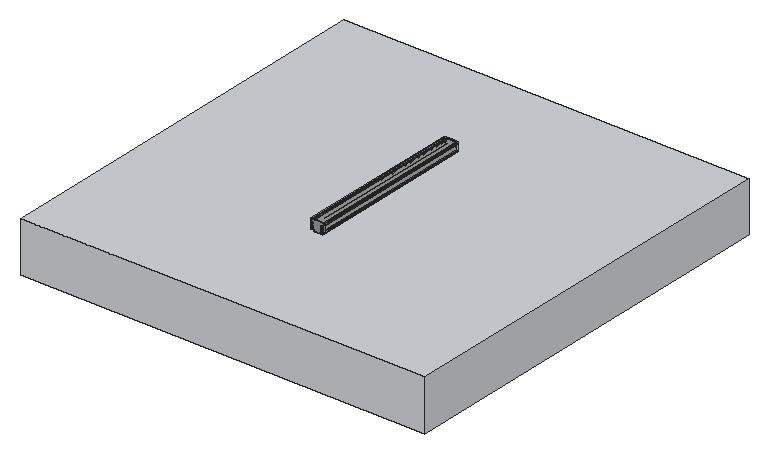
Revit family "L-industry NEW 48 T", category Осветительные приборы, Revit 2017
Family settings
  Основа = Грань
  Размер круглого соединителя = Использовать диаметр
  Тип детали = Нормальный
  При загрузке вырезать с полостями = Нет
  Источник света = Да
  Общий = Нет
  Точка расчета площади = Нет
Parameters (values of type "L-industry NEW 48 5.0K Д Duris")
  Расстояние от светильника до поверхности = 100 mm
  Описание = "Светодиодный светильник L-industry NEW 48 T предназначен для освещения промышленных объектов, складов, магазинов, спортивных сооружений, подсветки фасадов зданий. Светильник подвешивается на тросах (подвесной вариант крепления), или монтируется на любые ровные поверхности (поворотный и задвижной варианты)."
  Lamp = ""
  Комментарии к типоразмеру = "Промышленные"
  Wattage Comments = ""
  Wattage = 40.9581 W
  built-in parameter 1150110 = 1 (stored number, unit not read)
  built-in parameter 1114217 = 1 (stored number, unit not read)
  Tilt Angle = 90.00°
  built-in parameter 1150109 = 1 (stored number, unit not read)
  built-in parameter 1150134 = 2
  built-in parameter 1150113 = 1 (stored number, unit not read)
  Файл фотометрической сетки = "L-industry NEW 48T-46-D-5.0K-02 Duris.ies"
  built-in parameter 1150142 = "IESNA:LM-63-1995\r\n[TEST]LEDEL\r\n[DATA]27.11.2018\r\n[MANUFAC]LEDEL\r\n[LUMCAT]L-industry NEW 48Т/46/Д/5.0K/02\r\n[LUMINAIRE]Для освещения  промышленных объектов, складов, рекламных щитов, вывесок, декоративной подсветки  \r\n[MORE]\r\n[LAMPCAT]LED \r\n[LAMP]OSRAM DURIS\r\nTILT=NONE\r\n\r\n1 6084 4.76489 37 19 1 2 1.033 0.083 0.166\r\n\r\n1 1 46\r\n0 2.5 5 7.5 10 12.5 15 17.5 20 22.5 25 27.5 30 32.5 35 37.5 40 42.5 45 47.5\r\n 50 52.5 55 57.5 60 62.5 65 67.5 70 72.5 75 77.5 80 82.5 85 87.5 90\r\n\r\n  0 5 10 15 20 25 30 35 40 45 50 55 60 65 70 75\r\n  80 85 90\r\n\r\n  647 647 644 639 633 625 612 600 586 573 559 541 522 494 439\r\n  381 335 296 261 229 199 158 122 103 99 98 81 66 60 59\r\n  52 50 44 35 20 5 1\r\n  648 648 647 640 633 626 616 605 592 575 561 542 522 498 444\r\n  385 337 298 262 221 190 161 133 115 111 107 86 71 68 59\r\n  48 47 40 31 18 3 1\r\n  648 648 647 641 638 627 617 603 589 576 561 543 522 499 451\r\n  392 337 296 243 197 168 159 141 119 94 84 77 65 53 55\r\n  52 44 37 28 15 3 1\r\n  647 648 647 642 635 625 614 601 589 575 559 542 521 495 460\r\n  404 343 286 225 191 167 144 125 103 88 84 80 75 58 43\r\n  42 41 34 25 13 4 1\r\n  647 649 647 640 632 622 613 601 586 574 556 537 515 491 461\r\n  414 354 281 232 194 167 143 120 115 112 92 69 55 55 54\r\n  43 34 28 21 12 3 1\r\n  647 649 647 640 631 623 616 602 589 575 559 536 516 494 467\r\n  433 373 285 230 199 170 148 129 112 95 83 74 71 61 47\r\n  44 44 31 22 12 3 1\r\n  647 649 647 639 631 625 615 602 591 576 559 536 519 494 469\r\n  433 379 303 239 199 181 171 140 112 96 91 86 71 63 61\r\n  53 43 38 30 19 5 1\r\n  647 648 644 639 631 625 614 601 589 574 557 542 521 500 469\r\n  428 370 324 277 228 195 164 136 121 112 107 80 61 66 63\r\n  55 50 44 36 22 6 1\r\n  647 648 644 639 633 626 611 601 589 575 557 541 524 503 474\r\n  433 373 322 290 269 231 180 150 146 142 114 94 88 80 68\r\n  62 58 47 41 24 9 2\r\n  647 647 644 637 631 623 610 601 590 575 559 541 525 503 474\r\n  428 365 317 286 269 237 189 149 128 122 105 85 78 80 63\r\n  62 59 52 43 30 13 3\r\n  647 648 648 642 641 634 619 611 600 584 570 553 535 515 492\r\n  454 395 341 308 283 245 197 168 165 151 120 104 94 77 71\r\n  68 59 54 44 31 14 4\r\n  647 648 649 644 639 633 622 611 600 586 572 553 535 512 485\r\n  447 395 341 299 259 223 182 148 126 124 116 88 68 67 62\r\n  62 55 47 39 27 11 4\r\n  647 649 649 642 639 633 618 609 600 586 569 549 529 509 483\r\n  447 395 328 269 219 193 182 157 120 103 102 94 73 67 66\r\n  51 46 43 32 21 10 3\r\n  647 649 649 644 639 632 625 610 600 584 567 545 524 500 474\r\n  440 386 309 253 218 185 160 140 117 96 87 85 77 60 52\r\n  46 39 34 27 15 6 3\r\n  647 648 648 647 638 630 624 611 595 582 565 544 521 495 468\r\n  432 380 310 251 209 181 156 135 128 117 92 66 62 61 58\r\n  44 35 30 21 12 5 3\r\n  647 649 648 647 639 631 618 610 599 583 567 550 524 499 469\r\n  430 376 308 244 209 181 156 140 119 97 92 85 77 61 42\r\n  42 39 31 20 14 6 2\r\n  648 649 648 644 639 632 620 606 595 584 567 546 524 496 461\r\n  413 357 307 255 215 192 178 152 113 94 86 83 68 59 55\r\n  44 36 30 22 12 5 3\r\n  648 648 647 643 639 632 623 611 597 582 566 546 526 500 465\r\n  413 363 323 281 241 211 184 144 125 121 116 92 70 69 59\r\n  47 41 37 27 14 6 2\r\n  647 648 645 642 639 630 618 607 597 581 567 552 529 504 471\r\n  420 364 316 280 250 220 181 124 103 103 108 90 63 63 66\r\n  46 43 38 26 14 5 3\r\n\r"
  built-in parameter 1150105 = 484.15 (stored number, unit not read)
  Lumens = 6084 lm
  built-in parameter 1150115 = 1 (stored number, unit not read)
  built-in parameter 1150137 = (empty or 0)
  built-in parameter 1150139 = (empty or 0)
  built-in parameter 1150112 = 1 (stored number, unit not read)
  built-in parameter 1150114 = 1 (stored number, unit not read)
  built-in parameter 1150132 = 2
  Классификация нагрузок = Освещение
  built-in parameter 1150102 = (empty or 0)
  built-in parameter 1150107 = 5000 (stored number, unit not read)
  built-in parameter 1150138 = (empty or 0)
  built-in parameter 1150106 = 4.8415 (stored number, unit not read)
  Emit from Rectangle Width = 66 mm
  Emit from Rectangle Length = 1000 mm
  Изготовитель = "LEDEL"
  Длина профиля = Emit from Rectangle Length  # 1000 mm
  Emit Shape Visible in Rendering = no
  built-in parameter 1150104 = 13.8 (stored number, unit not read)
  Dimming Lamp Color Temperature Shift = (empty or 0)
  Default Elevation = 1219.2 mm
  Color Filter = 16777215
  built-in parameter 1114218 = 1 (stored number, unit not read)
  built-in parameter 1150133 = 10 (stored number, unit not read)
  Apparent Load = 46 VA  # constant formula
  Артикул = "404003"
Reference planes
  plane 1 "Center (Front/Back)": y = 0
  plane 2: z = 0
  plane 3 "Center (Left/Right)": x = 0
Forms (mm)
  Extrusion 1, solid
    sketch origin (0, 0, 0) x (1, 0, 0) y (0, 1, 0)
      loop
        line (-1219.2, 1219.2) -> (-1219.2, -1219.2) -> (1219.2, -1219.2) -> (1219.2, 1219.2) -> (-1219.2, 1219.2)
    from 0 to -304.8
Dimensions and locks
  "Расстояние от светильника до поверхности": imposter light to Extrusion 1
  aligned and locked: plane 2 to Extrusion 1
  aligned and locked: level to Extrusion 1
Automatic sketch dimensions
  Extrusion 1 sketch curve to Extrusion 1 sketch curve = 2438.4 mm  (x2)
Nested families
  nested 1: "L-street 24-48_body" at (0, 0, 0), type "L-street 24-48_body"
    with Расстояние от светильника до плоскости 100 mm
Connectors
  electrical at (0, 0, 0), driven by "Apparent Load", driven by "Классификация нагрузок"
    settings: on Extrusion 1, index 1, voltage 230 V, apparent load 0 VA, apparent load phase1 46 VA, apparent load phase2 0 VA, apparent load phase3 0 VA, power factor 1, load classification "Освещение", number of poles 1, system type 31, power factor state 1, is connector primary yes, connector utility no, sub classification motor no, connector description ""
Definition of nested family "L-street 24-48_body"
  Parameters (values of type "L-street 24-48_body")
    Тип торцевой крышки = Street 24-48 торцевая крышка : Trade Standart
    Расстояние от светильника до плоскости = 250 mm
    Default Elevation = 1219.2 mm
    Начало выдавливания = Длина профиля / 2 * (-1)  # -500 mm
    Конец выдавливания = Длина профиля / 2  # 500 mm
    Длина профиля = 1000 mm
  Reference planes
    plane 1 "По центру (Вперед/Назад)": y = 0
    plane 2: z = 0
    plane 3 "По центру (Влево/Вправо)": x = 0
    plane 4 "Плоскость расположения светильника": z = 250
  Forms (mm)
    Extrusion 1, solid
      sketch origin (0, 0, 0) x (1, 0, 0) y (0, 1, 0)
        loop
          line (-1219.2, 1219.2) -> (-1219.2, -1219.2) -> (1219.2, -1219.2) -> (1219.2, 1219.2) -> (-1219.2, 1219.2)
      from 0 to -304.8
    Extrusion 2, solid
      sketch origin (-0.012, 0.083, 76.46) x (-1, 0, 0) y (0, 0, -1)
        loop
          line (35.589, -172.539) -> (35.589, -167.394) -> (33.404, -167.394) -> (33.404, -169.539) -> (-33.404, -169.539) -> (-33.404, -167.394) -> (-35.589, -167.394) -> (-35.589, -172.539) -> (35.589, -172.539)
      from -500 <- "Начало выдавливания" to 500 <- "Конец выдавливания"
    Extrusion 3, solid
      sketch origin (-38.032, -499.976, 250) x (1, 0, 0) y (0, 0, -1)
        loop
          line (39.091, 58.204) -> (35.191, 58.204) -> (35.191, 62.2) -> (36.654, 62.2) -> (36.654, 64.2) -> (33.154, 64.2) -> (33.154, 58.204) -> (23.754, 58.204) -> (23.754, 62.908)
          arc (23.754, 62.908) -> (23.375, 63.822) -> (22.462, 64.2) r 1.292
          line (22.462, 64.2) -> (20.507, 64.2) -> (20.507, 62.999)
          arc (20.507, 62.999) -> (18.784, 57.899) -> (17.454, 63.115) r 2.807
          line (17.454, 63.115) -> (17.454, 64.2) -> (15.57, 64.2)
          arc (15.57, 64.2) -> (14.64, 63.815) -> (14.254, 62.884) r 1.316
          line (14.254, 62.884) -> (14.254, 58.204)
          arc (14.254, 58.204) -> (14.542, 57.268) -> (15.307, 56.657) r 1.662
          arc (15.307, 56.657) -> (15.699, 56.211) -> (15.564, 55.633) r 0.649
          line (15.564, 55.633) -> (14.254, 54.323)
          arc (14.254, 54.323) -> (12.694, 54.04) -> (11.88, 55.401) r 1.392
          line (11.88, 55.401) -> (11.88, 64.2) -> (10.88, 64.2) -> (10.88, 55.43)
          arc (10.88, 55.43) -> (12.297, 53.121) -> (14.961, 53.616) r 2.392
          line (14.961, 53.616) -> (16.271, 54.926)
          arc (16.271, 54.926) -> (18.805, 53.565) -> (19.091, 50.704) r 3.06
          line (19.091, 50.704) -> (19.091, 34.404)
          arc (19.091, 34.404) -> (17.453, 32.057) -> (14.686, 32.784) r 2.5
          line (14.686, 32.784) -> (3.187, 46.302)
          arc (3.187, 46.302) -> (1.783, 49.534) -> (1.349, 53.03) r 12.359
          arc (1.349, 53.03) -> (0.911, 54.131) -> (-0.182, 54.59) r 1.531
          line (-0.182, 54.59) -> (-1.451, 54.59) -> (-1.451, 52.09) -> (-0.218, 52.09) -> (-0.218, 49.043) -> (-1.451, 49.043) -> (-1.451, 47.616)
          arc (-1.451, 47.616) -> (-1.151, 46.891) -> (-0.426, 46.59) r 1.025
          line (-0.426, 46.59) -> (0.549, 46.59)
          arc (0.549, 46.59) -> (1.499, 46.15) -> (2.241, 45.41) r 3
          line (2.241, 45.41) -> (19.248, 21.121)
          arc (19.248, 21.121) -> (19.506, 18.078) -> (16.99, 16.347) r 3.04
          line (16.99, 16.347) -> (16.172, 18.606)
          arc (16.172, 18.606) -> (15.575, 18.888) -> (15.29, 18.293) r 0.468
          line (15.29, 18.293) -> (15.919, 15.768)
          arc (15.919, 15.768) -> (15.065, 15.349) -> (14.231, 14.89) r 20
          line (14.231, 14.89) -> (13.32, 17.308)
          arc (13.32, 17.308) -> (12.744, 17.565) -> (12.493, 16.986) r 0.443
          line (12.493, 16.986) -> (13, 14.112)
          arc (13, 14.112) -> (12.216, 13.548) -> (11.461, 12.946) r 20
          line (11.461, 12.946) -> (10.632, 15.29)
          arc (10.632, 15.29) -> (9.98, 15.589) -> (9.7, 14.929) r 0.5
          line (9.7, 14.929) -> (10.426, 12.018)
          arc (10.426, 12.018) -> (9.554, 11.125) -> (8.739, 10.18) r 20
          arc (8.739, 10.18) -> (8.315, 12.234) -> (6.549, 13.365) r 2.7
          line (6.549, 13.365) -> (6.345, 12.182)
          arc (6.345, 12.182) -> (6.657, 9.315) -> (4.875, 11.583) r 1.5
          line (4.875, 11.583) -> (4.02, 12.437)
          arc (4.02, 12.437) -> (3.433, 11.181) -> (3.546, 9.799) r 2.7
          arc (3.546, 9.799) -> (3.425, 8.912) -> (2.629, 8.5) r 0.973
          line (2.629, 8.5) -> (-2.894, 8.5) -> (-2.894, 0) -> (2.006, 0) -> (5.904, -0.341) -> (5.991, 0.655) -> (2.006, 1.004) -> (2.006, 4.504) -> (3.006, 4.504) -> (3.006, 6.504) -> (6.006, 6.504) -> (6.006, 4.504) -> (7.611, 4.504)
          arc (7.611, 4.504) -> (13.444, 12.031) -> (22.295, 15.543) r 18.05
          line (22.295, 15.543) -> (24.291, 15.543) -> (24.291, 16.504) -> (22.291, 16.504) -> (22.291, 18.204) -> (55.891, 18.204) -> (55.891, 16.504) -> (53.891, 16.504) -> (53.891, 15.543) -> (55.886, 15.543)
          arc (55.886, 15.543) -> (64.737, 12.031) -> (70.57, 4.504) r 18.05
          line (70.57, 4.504) -> (72.175, 4.504) -> (72.175, 6.504) -> (75.175, 6.504) -> (75.175, 4.504) -> (76.175, 4.504) -> (76.175, 1.004) -> (72.19, 0.655) -> (72.277, -0.341) -> (76.175, 0) -> (81.075, 0) -> (81.075, 8.5) -> (75.552, 8.5)
          arc (75.552, 8.5) -> (74.756, 8.912) -> (74.635, 9.799) r 0.973
          arc (74.635, 9.799) -> (74.748, 11.181) -> (74.161, 12.437) r 2.7
          line (74.161, 12.437) -> (73.306, 11.583)
          arc (73.306, 11.583) -> (71.524, 9.315) -> (71.836, 12.182) r 1.5
          line (71.836, 12.182) -> (71.632, 13.365)
          arc (71.632, 13.365) -> (69.866, 12.234) -> (69.442, 10.18) r 2.7
          arc (69.442, 10.18) -> (68.627, 11.125) -> (67.755, 12.018) r 20
          line (67.755, 12.018) -> (68.481, 14.929)
          arc (68.481, 14.929) -> (68.201, 15.589) -> (67.549, 15.29) r 0.5
          line (67.549, 15.29) -> (66.72, 12.946)
          arc (66.72, 12.946) -> (65.965, 13.548) -> (65.181, 14.112) r 20
          line (65.181, 14.112) -> (65.688, 16.986)
          arc (65.688, 16.986) -> (65.437, 17.565) -> (64.861, 17.308) r 0.443
          line (64.861, 17.308) -> (63.95, 14.89)
          arc (63.95, 14.89) -> (63.116, 15.349) -> (62.262, 15.768) r 20
          line (62.262, 15.768) -> (62.891, 18.293)
          arc (62.891, 18.293) -> (62.606, 18.888) -> (62.009, 18.606) r 0.468
          line (62.009, 18.606) -> (61.191, 16.347)
          arc (61.191, 16.347) -> (58.675, 18.078) -> (58.933, 21.121) r 3.04
          line (58.933, 21.121) -> (75.94, 45.41)
          arc (75.94, 45.41) -> (76.682, 46.15) -> (77.632, 46.59) r 3
          line (77.632, 46.59) -> (78.607, 46.59)
          arc (78.607, 46.59) -> (79.332, 46.891) -> (79.632, 47.616) r 1.025
          line (79.632, 47.616) -> (79.632, 49.043) -> (78.399, 49.043) -> (78.399, 52.09) -> (79.632, 52.09) -> (79.632, 54.59) -> (78.363, 54.59)
          arc (78.363, 54.59) -> (77.27, 54.131) -> (76.832, 53.03) r 1.531
          arc (76.832, 53.03) -> (76.398, 49.534) -> (74.994, 46.302) r 12.359
          line (74.994, 46.302) -> (63.495, 32.784)
          arc (63.495, 32.784) -> (60.728, 32.057) -> (59.091, 34.404) r 2.5
          line (59.091, 34.404) -> (59.091, 50.704)
          arc (59.091, 50.704) -> (59.376, 53.565) -> (61.91, 54.926) r 3.06
          line (61.91, 54.926) -> (63.22, 53.616)
          arc (63.22, 53.616) -> (65.884, 53.121) -> (67.301, 55.43) r 2.392
          line (67.301, 55.43) -> (67.301, 64.2) -> (66.301, 64.2) -> (66.301, 55.401)
          arc (66.301, 55.401) -> (65.487, 54.04) -> (63.927, 54.323) r 1.392
          line (63.927, 54.323) -> (62.617, 55.633)
          arc (62.617, 55.633) -> (62.482, 56.211) -> (62.874, 56.657) r 0.649
          arc (62.874, 56.657) -> (63.639, 57.268) -> (63.927, 58.204) r 1.662
          line (63.927, 58.204) -> (63.927, 62.884)
          arc (63.927, 62.884) -> (63.542, 63.815) -> (62.611, 64.2) r 1.316
          line (62.611, 64.2) -> (60.727, 64.2) -> (60.727, 63.115)
          arc (60.727, 63.115) -> (59.398, 57.899) -> (57.674, 62.999) r 2.807
          line (57.674, 62.999) -> (57.674, 64.2) -> (55.719, 64.2)
          arc (55.719, 64.2) -> (54.806, 63.822) -> (54.427, 62.908) r 1.292
          line (54.427, 62.908) -> (54.427, 58.204) -> (45.027, 58.204) -> (45.027, 64.2) -> (41.527, 64.2) -> (41.527, 62.2) -> (42.991, 62.2) -> (42.991, 58.204) -> (39.091, 58.204)
      from 0 to 1000 <- "Длина профиля"
  Dimensions and locks
    "Расстояние от светильника до плоскости": plane 4 "Плоскость расположения светильника" to Extrusion 1
    aligned and locked: plane 2 to Extrusion 1
    aligned and locked: level to Extrusion 1
  Automatic sketch dimensions
    Extrusion 1 sketch curve to Extrusion 1 sketch curve = 2438.4 mm  (x2)
    Extrusion 2 sketch curve to plane 4 "Плоскость расположения светильника" = 1.002 mm
    plane 3 "По центру (Влево/Вправо)" to Extrusion 2 sketch curve = 35.577 mm
    Extrusion 2 sketch curve to Extrusion 2 sketch curve = 2.185 mm  (x2)
    Extrusion 2 sketch curve to plane 4 "Плоскость расположения светильника" = 4.002 mm
    Extrusion 2 sketch curve to plane 3 "По центру (Влево/Вправо)" = 33.416 mm
    Extrusion 2 sketch curve to Extrusion 2 sketch curve = 2.144 mm  (x2)
    Extrusion 3 sketch curve to Extrusion 3 sketch curve = 0 mm  (x59)
    nested 1 to Extrusion 3 sketch curve = 2.894 mm
    nested 1 to Extrusion 3 sketch curve = 1.451 mm  (x2)
    Extrusion 3 sketch curve to Extrusion 3 sketch curve = 1.025 mm  (x2)
    Extrusion 3 sketch curve to Extrusion 3 sketch curve = 1.234 mm
    nested 1 to Extrusion 3 sketch curve = 0.216 mm
    nested 1 to Extrusion 3 sketch curve = 0.182 mm
    Extrusion 3 sketch curve to nested 1 = 0.549 mm
    Extrusion 3 sketch curve to nested 1 = 2.006 mm  (x2)
    Extrusion 3 sketch curve to Extrusion 3 sketch curve = 0.855 mm  (x4)
    Extrusion 3 sketch curve to Extrusion 3 sketch curve = 0.087 mm  (x2)
    Extrusion 3 sketch curve to Extrusion 3 sketch curve = 1.216 mm  (x2)
    Extrusion 3 sketch curve to Extrusion 3 sketch curve = 0.255 mm  (x2)
    Extrusion 3 sketch curve to Extrusion 3 sketch curve = 0.204 mm  (x2)
    Extrusion 3 sketch curve to Extrusion 3 sketch curve = 1.605 mm  (x2)
    Extrusion 3 sketch curve to Extrusion 3 sketch curve = 3.151 mm  (x2)
    Extrusion 3 sketch curve to Extrusion 3 sketch curve = 0.46 mm  (x2)
    Extrusion 3 sketch curve to Extrusion 3 sketch curve = 0.726 mm
    Extrusion 3 sketch curve to Extrusion 3 sketch curve = 0.471 mm  (x2)
    Extrusion 3 sketch curve to Extrusion 3 sketch curve = 1.035 mm  (x2)
    Extrusion 3 sketch curve to Extrusion 3 sketch curve = 1 mm  (x3)
    Extrusion 3 sketch curve to Extrusion 3 sketch curve = 2.273 mm
    Extrusion 3 sketch curve to Extrusion 3 sketch curve = 1.54 mm  (x2)
    Extrusion 3 sketch curve to Extrusion 3 sketch curve = 1.389 mm
    Extrusion 3 sketch curve to Extrusion 3 sketch curve = 0.436 mm
    Extrusion 3 sketch curve to Extrusion 3 sketch curve = 1.231 mm  (x2)
    Extrusion 3 sketch curve to Extrusion 3 sketch curve = 2.374 mm  (x2)
    Extrusion 3 sketch curve to Extrusion 3 sketch curve = 0.985 mm  (x4)
    Extrusion 3 sketch curve to Extrusion 3 sketch curve = 0.707 mm  (x8)
    Extrusion 3 sketch curve to Extrusion 3 sketch curve = 0.815 mm
    Extrusion 3 sketch curve to Extrusion 3 sketch curve = 2.385 mm
    Extrusion 3 sketch curve to Extrusion 3 sketch curve = 0.495 mm  (x2)
    Extrusion 3 sketch curve to Extrusion 3 sketch curve = 1.316 mm  (x4)
    Extrusion 3 sketch curve to Extrusion 3 sketch curve = 0.442 mm  (x2)
    Extrusion 3 sketch curve to Extrusion 3 sketch curve = 1.662 mm  (x2)
    Extrusion 3 sketch curve to Extrusion 3 sketch curve = 1.688 mm  (x2)
    Extrusion 3 sketch curve to Extrusion 3 sketch curve = 0.44 mm  (x2)
    Extrusion 3 sketch curve to Extrusion 3 sketch curve = 1.298 mm
    Extrusion 3 sketch curve to Extrusion 3 sketch curve = 0.586 mm  (x2)
    Extrusion 3 sketch curve to Extrusion 3 sketch curve = 1.071 mm  (x2)
    Extrusion 3 sketch curve to Extrusion 3 sketch curve = 0.004 mm  (x2)
    Extrusion 3 sketch curve to Extrusion 3 sketch curve = 1.955 mm  (x2)
    Extrusion 3 sketch curve to Extrusion 3 sketch curve = 1.292 mm  (x2)
    Extrusion 3 sketch curve to Extrusion 3 sketch curve = 2 mm  (x5)
    Extrusion 3 sketch curve to Extrusion 3 sketch curve = 9.4 mm  (x2)
    Extrusion 3 sketch curve to Extrusion 3 sketch curve = 2.037 mm  (x2)
    Extrusion 3 sketch curve to Extrusion 3 sketch curve = 1.463 mm
    Extrusion 3 sketch curve to Extrusion 3 sketch curve = 3.9 mm  (x2)
    Extrusion 3 sketch curve to Extrusion 3 sketch curve = 4.873 mm
    Extrusion 3 sketch curve to Extrusion 3 sketch curve = 1.996 mm  (x3)
    Extrusion 3 sketch curve to Extrusion 3 sketch curve = 1.884 mm  (x2)
    Extrusion 3 sketch curve to Extrusion 3 sketch curve = 1.31 mm
    Extrusion 3 sketch curve to Extrusion 3 sketch curve = 1.904 mm
    Extrusion 3 sketch curve to Extrusion 3 sketch curve = 1.256 mm
    Extrusion 3 sketch curve to Extrusion 3 sketch curve = 1.326 mm
    Extrusion 3 sketch curve to Extrusion 3 sketch curve = 0.829 mm
    Extrusion 3 sketch curve to Extrusion 3 sketch curve = 0.015 mm
    nested 1 to Extrusion 3 sketch curve = 0.458 mm
    nested 1 to Extrusion 3 sketch curve = 1.188 mm
    nested 1 to Extrusion 3 sketch curve = 1.223 mm
    nested 1 to Extrusion 3 sketch curve = 1.224 mm
    nested 1 to Extrusion 3 sketch curve = 1.432 mm
    Extrusion 3 sketch curve to Extrusion 3 sketch curve = 1.269 mm
    nested 1 to Extrusion 3 sketch curve = 3.9 mm
    Extrusion 3 sketch curve to nested 1 = 61.6 mm
    Extrusion 3 sketch curve to Extrusion 3 sketch curve = 2.055 mm  (x2)
    Extrusion 3 sketch curve to Extrusion 3 sketch curve = 0.341 mm  (x2)
    Extrusion 3 sketch curve to Extrusion 3 sketch curve = 3.849 mm  (x2)
    Extrusion 3 sketch curve to Extrusion 3 sketch curve = 3.5 mm
    Extrusion 3 sketch curve to Extrusion 3 sketch curve = 0.973 mm  (x2)
    Extrusion 3 sketch curve to Extrusion 3 sketch curve = 1.23 mm  (x2)
    Extrusion 3 sketch curve to Extrusion 3 sketch curve = 0.879 mm  (x2)
    Extrusion 3 sketch curve to Extrusion 3 sketch curve = 0.164 mm  (x2)
    Extrusion 3 sketch curve to Extrusion 3 sketch curve = 0.928 mm  (x2)
    Extrusion 3 sketch curve to Extrusion 3 sketch curve = 1.183 mm  (x2)
    Extrusion 3 sketch curve to Extrusion 3 sketch curve = 0.778 mm  (x2)
    Extrusion 3 sketch curve to Extrusion 3 sketch curve = 1.982 mm  (x2)
    Extrusion 3 sketch curve to Extrusion 3 sketch curve = 0.195 mm  (x2)
    Extrusion 3 sketch curve to Extrusion 3 sketch curve = 0.579 mm  (x2)
    Extrusion 3 sketch curve to Extrusion 3 sketch curve = 0.961 mm  (x2)
    Extrusion 3 sketch curve to Extrusion 3 sketch curve = 2.262 mm  (x2)
    Extrusion 3 sketch curve to Extrusion 3 sketch curve = 1.7 mm
    Extrusion 3 sketch curve to Extrusion 3 sketch curve = 1.946 mm  (x2)
    Extrusion 3 sketch curve to Extrusion 3 sketch curve = 0.154 mm  (x2)
    Extrusion 3 sketch curve to Extrusion 3 sketch curve = 0.772 mm  (x2)
    Extrusion 3 sketch curve to Extrusion 3 sketch curve = 11.663 mm  (x2)
    Extrusion 3 sketch curve to Extrusion 3 sketch curve = 10.905 mm  (x2)
    Extrusion 3 sketch curve to Extrusion 3 sketch curve = 1.721 mm  (x2)
    Extrusion 3 sketch curve to Extrusion 3 sketch curve = 0.892 mm  (x2)
    Extrusion 3 sketch curve to Extrusion 3 sketch curve = 1.428 mm  (x2)
    Extrusion 3 sketch curve to Extrusion 3 sketch curve = 16.3 mm  (x2)
    Extrusion 3 sketch curve to Extrusion 3 sketch curve = 1.162 mm  (x2)
    Extrusion 3 sketch curve to Extrusion 3 sketch curve = 3.047 mm  (x2)
    Extrusion 3 sketch curve to Extrusion 3 sketch curve = 0.925 mm  (x2)
    Extrusion 3 sketch curve to Extrusion 3 sketch curve = 0.969 mm  (x2)
    Extrusion 3 sketch curve to Extrusion 3 sketch curve = 0.825 mm  (x2)
    Extrusion 3 sketch curve to Extrusion 3 sketch curve = 1.531 mm  (x2)
    Extrusion 3 sketch curve to Extrusion 3 sketch curve = 0.42 mm  (x2)
    Extrusion 3 sketch curve to Extrusion 3 sketch curve = 2.151 mm  (x2)
    Extrusion 3 sketch curve to Extrusion 3 sketch curve = 7.5 mm
    Extrusion 3 sketch curve to Extrusion 3 sketch curve = 2.5 mm  (x4)
    Extrusion 3 sketch curve to Extrusion 3 sketch curve = 3.997 mm  (x2)
    Extrusion 3 sketch curve to Extrusion 3 sketch curve = 4.68 mm
    Extrusion 3 sketch curve to Extrusion 3 sketch curve = 2.18 mm
    Extrusion 3 sketch curve to Extrusion 3 sketch curve = 2.204 mm  (x2)
    Extrusion 3 sketch curve to Extrusion 3 sketch curve = 1.202 mm  (x2)
    Extrusion 3 sketch curve to Extrusion 3 sketch curve = 0.411 mm  (x2)
    Extrusion 3 sketch curve to Extrusion 3 sketch curve = 0.415 mm  (x2)
    Extrusion 3 sketch curve to Extrusion 3 sketch curve = 0.165 mm  (x2)
    Extrusion 3 sketch curve to nested 1 = 0 mm  (x3)
    Extrusion 3 sketch curve to Extrusion 3 sketch curve = 1.692 mm
    Extrusion 3 sketch curve to nested 1 = 2.629 mm
    Extrusion 3 sketch curve to Extrusion 3 sketch curve = 0.946 mm
    Extrusion 3 sketch curve to Extrusion 3 sketch curve = 1.391 mm
    Extrusion 3 sketch curve to Extrusion 3 sketch curve = 3.898 mm
    Extrusion 3 sketch curve to Extrusion 3 sketch curve = 3 mm
    nested 1 to Extrusion 3 sketch curve = 2.511 mm
    Extrusion 3 sketch curve to nested 1 = 10.88 mm
    Extrusion 3 sketch curve to Extrusion 3 sketch curve = 4.404 mm
    Extrusion 3 sketch curve to Extrusion 3 sketch curve = 1.437 mm
    Extrusion 3 sketch curve to Extrusion 3 sketch curve = 2.49 mm  (x2)
    Extrusion 3 sketch curve to Extrusion 3 sketch curve = 3.053 mm  (x2)
    Extrusion 3 sketch curve to Extrusion 3 sketch curve = 5.3 mm
    Extrusion 3 sketch curve to nested 1 = 23.284 mm
    Extrusion 3 sketch curve to Extrusion 3 sketch curve = 3.042 mm
    Extrusion 3 sketch curve to Extrusion 3 sketch curve = 4.663 mm
    Extrusion 3 sketch curve to Extrusion 3 sketch curve = 1.616 mm
    Extrusion 3 sketch curve to Extrusion 3 sketch curve = 2.258 mm
    Extrusion 3 sketch curve to Extrusion 3 sketch curve = 2.017 mm
    Extrusion 3 sketch curve to Extrusion 3 sketch curve = 1.128 mm
    Extrusion 3 sketch curve to nested 1 = 2.18 mm
    Extrusion 3 sketch curve to nested 1 = 2 mm
    Extrusion 3 sketch curve to nested 1 = 1.623 mm
    Extrusion 3 sketch curve to nested 1 = 1.235 mm
    Extrusion 3 sketch curve to nested 1 = 1 mm
  Nested families
    nested 1: "Street 24-48 торцевая крышка" at (0.555, 0.024, 0), type <- "Тип торцевой крышки", type "Trade Standart"
      with Начало профиля 500 mm, Конец профиля 500 mm, Длина профиля 1000 mm
    nested 2: "Street 24-48 торцевая крышка" at (0.452, 0, 0), type <- "Тип торцевой крышки", type "Trade Standart"
      with Начало профиля 500 mm, Конец профиля 500 mm, Длина профиля 1000 mm
  Definition of nested family "Street 24-48 торцевая крышка"
    Parameters (values of type "Trade 24-48 торцевая крышка")
      Расстояние до плоскости = 150 mm
      Default Elevation = 1219.2 mm
      Начало профиля = 249.976 mm
      Конец профиля = Начало профиля  # 249.976 mm
      Длина профиля = Начало профиля * 2  # 499.952 mm
    Types (2, lengths in mm): name | Расстояние до плоскости | Начало профиля | Конец профиля | Длина профиля
      Trade 24-48 торцевая крышка | 150 | 249.976 | 249.976 | 499.952
      Trade Standart | 250 | 250 | 250 | 500
    Reference planes
      plane 1 "По центру (Вперед/Назад)": y = 0
      plane 2: z = 0
      plane 3 "По центру (Влево/Вправо)": x = 0
      plane 4 "Плоскость светильника": z = 150
    Forms (mm)
      Extrusion 1, solid
        sketch origin (0, 0, 0) x (1, 0, 0) y (0, 1, 0)
          loop
            line (-1219.2, 1219.2) -> (-1219.2, -1219.2) -> (1219.2, -1219.2) -> (1219.2, 1219.2) -> (-1219.2, 1219.2)
        from 0 to -304.8
      Extrusion 2, solid
        sketch origin (-19.367, -249.976, 150) x (1, 0, 0) y (0, 0, 1)
          loop
            line (-19.221, 0) -> (-19.221, -52.919) -> (-10.867, -52.919)
            arc (-10.867, -52.919) -> (-6.009, -53.518) -> (-1.441, -55.28) r 20
            line (-1.441, -55.28) -> (3.39, -58.299)
            arc (3.39, -58.299) -> (3.801, -58.687) -> (4.03, -59.204) r 1.436
            line (4.03, -59.204) -> (13.43, -59.204)
            arc (13.43, -59.204) -> (14.332, -58.467) -> (15.467, -58.204) r 2.574
            line (15.467, -58.204) -> (19.367, -58.204) -> (23.267, -58.204)
            arc (23.267, -58.204) -> (24.401, -58.467) -> (25.303, -59.204) r 2.574
            line (25.303, -59.204) -> (34.703, -59.204)
            arc (34.703, -59.204) -> (34.933, -58.687) -> (35.344, -58.299) r 1.436
            line (35.344, -58.299) -> (40.175, -55.28)
            arc (40.175, -55.28) -> (44.742, -53.518) -> (49.601, -52.919) r 20
            line (49.601, -52.919) -> (57.954, -52.919) -> (57.954, 0) -> (19.367, 0) -> (-19.221, 0)
        from 0 to 5
      Extrusion 3, solid
        sketch origin (18.233, 249.976, 150) x (-1, 0, 0) y (0, 0, 1)
          loop
            line (56.821, 0) -> (18.233, 0) -> (-20.354, 0) -> (-20.354, -52.919) -> (-12.001, -52.919)
            arc (-12.001, -52.919) -> (-7.142, -53.518) -> (-2.575, -55.28) r 20
            line (-2.575, -55.28) -> (2.256, -58.299)
            arc (2.256, -58.299) -> (2.667, -58.687) -> (2.897, -59.204) r 1.436
            line (2.897, -59.204) -> (12.297, -59.204)
            arc (12.297, -59.204) -> (13.199, -58.467) -> (14.333, -58.204) r 2.574
            line (14.333, -58.204) -> (18.233, -58.204) -> (22.133, -58.204)
            arc (22.133, -58.204) -> (23.268, -58.467) -> (24.17, -59.204) r 2.574
            line (24.17, -59.204) -> (33.57, -59.204)
            arc (33.57, -59.204) -> (33.799, -58.687) -> (34.21, -58.299) r 1.436
            line (34.21, -58.299) -> (39.041, -55.28)
            arc (39.041, -55.28) -> (43.609, -53.518) -> (48.467, -52.919) r 20
            line (48.467, -52.919) -> (56.821, -52.919) -> (56.821, 0)
        from 0 to 5
      Extrusion 4, solid
        sketch origin (0, -398.223, 150) x (0, -1, 0) y (1, 0, 0)
          loop
            line (-149.081, 18.233) -> (-149.081, -19.367) -> (-148.247, -19.367) -> (-148.247, 18.233) -> (-149.081, 18.233)
          loop
            line (-648.199, -19.367) -> (-647.405, -19.367) -> (-647.405, 18.233) -> (-648.199, 18.233) -> (-648.199, -19.367)
        from 0 to -1
      Extrusion 5, void
        sketch origin (-19.367, -254.976, 150) x (-1, 0, 0) y (0, 0, 1)
          loop
            line (9.318, -51.37) -> (15.247, -51.37)
            arc (15.247, -51.37) -> (16.574, -50.692) -> (16.801, -49.218) r 1.637
            arc (16.801, -49.218) -> (16.329, -48.024) -> (15.725, -46.891) r 11.359
            line (15.725, -46.891) -> (4.276, -33.432)
            arc (4.276, -33.432) -> (2.615, -32.996) -> (1.633, -34.404) r 1.5
            line (1.633, -34.404) -> (1.633, -52.906)
            arc (1.633, -52.906) -> (5.4, -51.758) -> (9.318, -51.37) r 20
          loop
            arc (14.324, -39.155) -> (16.107, -39.761) -> (17.221, -38.242) r 1.592
            line (17.221, -38.242) -> (17.221, -10.29)
            arc (17.221, -10.29) -> (14.944, -10.099) -> (12.739, -9.499) r 12.546
            arc (12.739, -9.499) -> (11.447, -11.189) -> (9.991, -12.739) r 21
            arc (9.991, -12.739) -> (8.685, -13.894) -> (7.288, -14.938) r 21
            arc (7.288, -14.938) -> (4.877, -16.36) -> (2.299, -17.45) r 21
            arc (2.299, -17.45) -> (1.025, -18.749) -> (1.295, -20.548) r 2.04
            line (1.295, -20.548) -> (14.324, -39.155)
          loop
            arc (-48.051, -51.37) -> (-44.133, -51.758) -> (-40.367, -52.906) r 20
            line (-40.367, -52.906) -> (-40.367, -34.404)
            arc (-40.367, -34.404) -> (-41.349, -32.996) -> (-43.009, -33.432) r 1.5
            line (-43.009, -33.432) -> (-54.458, -46.891)
            arc (-54.458, -46.891) -> (-55.062, -48.024) -> (-55.534, -49.218) r 11.359
            arc (-55.534, -49.218) -> (-55.308, -50.692) -> (-53.98, -51.37) r 1.637
            line (-53.98, -51.37) -> (-48.051, -51.37)
          loop
            line (-53.057, -39.155) -> (-40.028, -20.548)
            arc (-40.028, -20.548) -> (-39.759, -18.749) -> (-41.032, -17.45) r 2.04
            arc (-41.032, -17.45) -> (-43.611, -16.36) -> (-46.022, -14.938) r 21
            arc (-46.022, -14.938) -> (-47.419, -13.894) -> (-48.725, -12.739) r 21
            arc (-48.725, -12.739) -> (-50.181, -11.189) -> (-51.473, -9.499) r 21
            arc (-51.473, -9.499) -> (-53.677, -10.099) -> (-55.954, -10.29) r 12.546
            line (-55.954, -10.29) -> (-55.954, -38.242)
            arc (-55.954, -38.242) -> (-54.841, -39.761) -> (-53.057, -39.155) r 1.592
        from 0 to 1
      Extrusion 6, void
        sketch origin (18.233, 254.976, 150) x (1, 0, 0) y (0, 0, 1)
          loop
            arc (-46.904, -51.384) -> (-42.986, -51.772) -> (-39.219, -52.919) r 20
            line (-39.219, -52.919) -> (-39.219, -34.418)
            arc (-39.219, -34.418) -> (-40.202, -33.01) -> (-41.862, -33.446) r 1.5
            line (-41.862, -33.446) -> (-53.311, -46.905)
            arc (-53.311, -46.905) -> (-53.915, -48.038) -> (-54.387, -49.232) r 11.359
            arc (-54.387, -49.232) -> (-54.16, -50.705) -> (-52.833, -51.384) r 1.637
            line (-52.833, -51.384) -> (-46.904, -51.384)
          loop
            line (-51.91, -39.169) -> (-38.881, -20.562)
            arc (-38.881, -20.562) -> (-38.611, -18.763) -> (-39.885, -17.464) r 2.04
            arc (-39.885, -17.464) -> (-42.463, -16.374) -> (-44.874, -14.952) r 21
            arc (-44.874, -14.952) -> (-46.271, -13.908) -> (-47.577, -12.753) r 21
            arc (-47.577, -12.753) -> (-49.033, -11.203) -> (-50.325, -9.513) r 21
            arc (-50.325, -9.513) -> (-52.53, -10.113) -> (-54.807, -10.303) r 12.546
            line (-54.807, -10.303) -> (-54.807, -38.256)
            arc (-54.807, -38.256) -> (-53.693, -39.775) -> (-51.91, -39.169) r 1.592
          loop
            line (10.465, -51.384) -> (16.394, -51.384)
            arc (16.394, -51.384) -> (17.722, -50.705) -> (17.948, -49.232) r 1.637
            arc (17.948, -49.232) -> (17.476, -48.038) -> (16.872, -46.905) r 11.359
            line (16.872, -46.905) -> (5.423, -33.446)
            arc (5.423, -33.446) -> (3.763, -33.01) -> (2.781, -34.418) r 1.5
            line (2.781, -34.418) -> (2.781, -52.919)
            arc (2.781, -52.919) -> (6.547, -51.772) -> (10.465, -51.384) r 20
          loop
            arc (15.471, -39.169) -> (17.254, -39.775) -> (18.368, -38.256) r 1.592
            line (18.368, -38.256) -> (18.368, -10.303)
            arc (18.368, -10.303) -> (16.091, -10.113) -> (13.887, -9.513) r 12.546
            arc (13.887, -9.513) -> (12.595, -11.203) -> (11.138, -12.753) r 21
            arc (11.138, -12.753) -> (9.833, -13.908) -> (8.435, -14.952) r 21
            arc (8.435, -14.952) -> (6.025, -16.374) -> (3.446, -17.464) r 21
            arc (3.446, -17.464) -> (2.173, -18.763) -> (2.442, -20.562) r 2.04
            line (2.442, -20.562) -> (15.471, -39.169)
        from 0 to 1
    Cuts and joins
      Extrusion 5 cuts Extrusion 2
      Extrusion 6 cuts Extrusion 3
    Dimensions and locks
      "Расстояние до плоскости": plane 4 "Плоскость светильника" to Extrusion 1
      "Конец профиля": plane 1 "По центру (Вперед/Назад)" to Extrusion 4
      "Начало профиля": Extrusion 4 to plane 1 "По центру (Вперед/Назад)"
      aligned and locked: plane 2 to Extrusion 1
      aligned and locked: level to Extrusion 1
    Automatic sketch dimensions
      Extrusion 1 sketch curve to Extrusion 1 sketch curve = 2438.4 mm  (x2)
      Extrusion 3 sketch curve to Extrusion 3 sketch curve = 4.07 mm
      Extrusion 3 sketch curve to Extrusion 3 sketch curve = 0.761 mm
      Extrusion 3 sketch curve to Extrusion 3 sketch curve = 0.641 mm  (x2)
      Extrusion 3 sketch curve to Extrusion 3 sketch curve = 9.4 mm  (x2)
      Extrusion 3 sketch curve to Extrusion 3 sketch curve = 2.037 mm  (x2)
      Extrusion 3 sketch curve to Extrusion 3 sketch curve = 3.9 mm  (x2)
      Extrusion 4 to Extrusion 3 sketch curve = 58.299 mm
      Extrusion 3 sketch curve to Extrusion 3 sketch curve = 1.402 mm
      Extrusion 3 sketch curve to Extrusion 3 sketch curve = 4.831 mm
      Extrusion 4 to Extrusion 3 sketch curve = 72.919 mm  (x2)
      Extrusion 3 sketch curve to Extrusion 3 sketch curve = 2.479 mm
      Extrusion 3 sketch curve to Extrusion 3 sketch curve = 0 mm
      Extrusion 3 sketch curve to Extrusion 3 sketch curve = 1.261 mm
      Extrusion 3 sketch curve to Extrusion 3 sketch curve = 1.218 mm
      Extrusion 3 sketch curve to Extrusion 3 sketch curve = 3.018 mm  (x2)
      Extrusion 4 to Extrusion 2 sketch curve = 52.919 mm
      Extrusion 4 to Extrusion 2 sketch curve = 72.919 mm  (x2)
      Extrusion 2 sketch curve to Extrusion 2 sketch curve = 8.353 mm  (x2)
      Extrusion 4 to Extrusion 2 sketch curve = 55.28 mm
      Extrusion 2 sketch curve to Extrusion 2 sketch curve = 4.07 mm
      Extrusion 4 to Extrusion 2 sketch curve = 58.299 mm  (x2)
      Extrusion 2 sketch curve to Extrusion 2 sketch curve = 0.761 mm  (x2)
      Extrusion 2 sketch curve to Extrusion 2 sketch curve = 0.641 mm  (x2)
      Extrusion 2 sketch curve to Extrusion 2 sketch curve = 9.4 mm  (x2)
      Extrusion 2 sketch curve to Extrusion 2 sketch curve = 2.037 mm  (x2)
      Extrusion 2 sketch curve to Extrusion 2 sketch curve = 3.9 mm  (x2)
      Extrusion 2 sketch curve to Extrusion 2 sketch curve = 4.831 mm
      Extrusion 2 sketch curve to Extrusion 2 sketch curve = 2.479 mm
      Extrusion 2 sketch curve to Extrusion 2 sketch curve = 0 mm
      Extrusion 2 sketch curve to Extrusion 2 sketch curve = 1.218 mm
      Extrusion 2 sketch curve to Extrusion 2 sketch curve = 3.018 mm
      Extrusion 3 sketch curve to Extrusion 4 = 0 mm
      Extrusion 2 sketch curve to Extrusion 4 = 19.221 mm
      Extrusion 3 sketch curve to Extrusion 4 = 20.354 mm
      Extrusion 3 sketch curve to Extrusion 4 = 12.001 mm
      Extrusion 4 sketch curve to plane 3 "По центру (Влево/Вправо)" = 19.367 mm  (x2)
      Extrusion 4 sketch curve to plane 1 "По центру (Вперед/Назад)" = 249.976 mm
      Extrusion 4 sketch curve to Extrusion 4 sketch curve = 0.794 mm
      plane 1 "По центру (Вперед/Назад)" to Extrusion 4 sketch curve = 249.142 mm
      Extrusion 4 sketch curve to Extrusion 4 sketch curve = 0.834 mm
      plane 3 "По центру (Влево/Вправо)" to Extrusion 4 sketch curve = 18.233 mm  (x2)
      Extrusion 2 sketch curve to Extrusion 4 = 0 mm
      Extrusion 2 sketch curve to Extrusion 4 = 18.233 mm
      Extrusion 4 to Extrusion 2 sketch curve = 12.001 mm
      Extrusion 3 sketch curve to Extrusion 4 = 2.575 mm
      Extrusion 4 to Extrusion 3 sketch curve = 18.233 mm
      Extrusion 3 sketch curve to Extrusion 3 sketch curve = 9.426 mm
      Extrusion 3 sketch curve to Extrusion 3 sketch curve = 8.353 mm
      Extrusion 5 sketch curve to Extrusion 5 sketch curve = 0 mm  (x13)
      Extrusion 2 to Extrusion 5 sketch curve = 2 mm  (x2)
      Extrusion 2 to Extrusion 5 sketch curve = 2.098 mm  (x2)
      Extrusion 2 to Extrusion 5 sketch curve = 3.496 mm
      Extrusion 5 sketch curve to Extrusion 5 sketch curve = 1.592 mm
      Extrusion 2 to Extrusion 5 sketch curve = 1.549 mm  (x2)
      Extrusion 2 to Extrusion 5 sketch curve = 3.974 mm  (x2)
      Extrusion 5 sketch curve to Extrusion 5 sketch curve = 1.304 mm  (x2)
      Extrusion 2 to Extrusion 5 sketch curve = 9.903 mm
      Extrusion 2 to Extrusion 5 sketch curve = 0.128 mm  (x2)
      Extrusion 5 sketch curve to Extrusion 5 sketch curve = 3.299 mm  (x2)
      Extrusion 5 sketch curve to Extrusion 5 sketch curve = 10.048 mm
      Extrusion 5 sketch curve to Extrusion 5 sketch curve = 1.143 mm  (x2)
      Extrusion 5 sketch curve to Extrusion 5 sketch curve = 1.31 mm
      Extrusion 2 to Extrusion 5 sketch curve = 0.014 mm
      Extrusion 5 sketch curve to Extrusion 5 sketch curve = 4.386 mm  (x2)
      Extrusion 5 sketch curve to Extrusion 5 sketch curve = 1.671 mm  (x2)
      Extrusion 5 sketch curve to Extrusion 2 = 2.396 mm  (x2)
      Extrusion 5 sketch curve to Extrusion 5 sketch curve = 21.689 mm
      Extrusion 2 to Extrusion 5 sketch curve = 23.787 mm
      Extrusion 2 to Extrusion 5 sketch curve = 17.926 mm
      Extrusion 5 sketch curve to Extrusion 5 sketch curve = 0.339 mm
      Extrusion 5 sketch curve to Extrusion 5 sketch curve = 1.5 mm
      Extrusion 2 to Extrusion 5 sketch curve = 4.897 mm
      Extrusion 5 sketch curve to Extrusion 5 sketch curve = 0.478 mm
      Extrusion 5 sketch curve to Extrusion 2 = 12.166 mm
      Extrusion 5 sketch curve to Extrusion 5 sketch curve = 1.637 mm  (x2)
      Extrusion 5 sketch curve to Extrusion 5 sketch curve = 2.327 mm  (x2)
      Extrusion 5 sketch curve to Extrusion 5 sketch curve = 7.735 mm  (x2)
      Extrusion 5 sketch curve to Extrusion 5 sketch curve = 4.752 mm  (x2)
      Extrusion 5 sketch curve to Extrusion 5 sketch curve = 12.884 mm  (x2)
      Extrusion 5 sketch curve to Extrusion 5 sketch curve = 1.17 mm  (x2)
      Extrusion 2 to Extrusion 5 sketch curve = 10.29 mm  (x2)
      Extrusion 5 sketch curve to Extrusion 2 = 2.256 mm  (x2)
      Extrusion 5 sketch curve to Extrusion 5 sketch curve = 4.481 mm
      Extrusion 5 sketch curve to Extrusion 5 sketch curve = 2.748 mm
      Extrusion 5 sketch curve to Extrusion 5 sketch curve = 2.703 mm  (x2)
      Extrusion 5 sketch curve to Extrusion 5 sketch curve = 4.989 mm
      Extrusion 6 sketch curve to Extrusion 6 sketch curve = 0 mm  (x13)
      Extrusion 6 sketch curve to Extrusion 3 = 0 mm  (x2)
      Extrusion 3 to Extrusion 6 sketch curve = 2.014 mm
      Extrusion 3 to Extrusion 6 sketch curve = 2.112 mm
      Extrusion 3 to Extrusion 6 sketch curve = 3.51 mm
      Extrusion 6 sketch curve to Extrusion 6 sketch curve = 1.592 mm  (x2)
      Extrusion 6 sketch curve to Extrusion 6 sketch curve = 0.478 mm  (x2)
      Extrusion 6 sketch curve to Extrusion 6 sketch curve = 1.304 mm  (x2)
      Extrusion 3 to Extrusion 6 sketch curve = 9.917 mm
      Extrusion 3 to Extrusion 6 sketch curve = 0.115 mm  (x2)
      Extrusion 6 sketch curve to Extrusion 6 sketch curve = 3.299 mm
      Extrusion 6 sketch curve to Extrusion 6 sketch curve = 10.048 mm
      Extrusion 6 sketch curve to Extrusion 6 sketch curve = 1.143 mm  (x2)
      Extrusion 6 sketch curve to Extrusion 6 sketch curve = 1.31 mm
      Extrusion 6 sketch curve to Extrusion 6 sketch curve = 1.5 mm  (x2)
      Extrusion 6 sketch curve to Extrusion 6 sketch curve = 1.671 mm  (x2)
      Extrusion 6 sketch curve to Extrusion 3 = 2.382 mm  (x2)
      Extrusion 6 sketch curve to Extrusion 6 sketch curve = 21.689 mm
      Extrusion 3 to Extrusion 6 sketch curve = 23.773 mm
      Extrusion 3 to Extrusion 6 sketch curve = 17.912 mm
      Extrusion 6 sketch curve to Extrusion 6 sketch curve = 0.339 mm
      Extrusion 6 sketch curve to Extrusion 6 sketch curve = 4.386 mm
      Extrusion 3 to Extrusion 6 sketch curve = 9.889 mm
      Extrusion 3 to Extrusion 6 sketch curve = 4.883 mm
      Extrusion 3 to Extrusion 6 sketch curve = 3.96 mm
      Extrusion 3 to Extrusion 6 sketch curve = 2.084 mm
      Extrusion 6 sketch curve to Extrusion 3 = 12.18 mm  (x2)
      Extrusion 6 sketch curve to Extrusion 6 sketch curve = 1.637 mm  (x2)
      Extrusion 6 sketch curve to Extrusion 6 sketch curve = 2.327 mm  (x2)
      Extrusion 6 sketch curve to Extrusion 6 sketch curve = 7.735 mm  (x2)
      Extrusion 6 sketch curve to Extrusion 6 sketch curve = 4.752 mm  (x2)
      Extrusion 6 sketch curve to Extrusion 6 sketch curve = 12.884 mm  (x2)
      Extrusion 6 sketch curve to Extrusion 6 sketch curve = 1.17 mm  (x2)
      Extrusion 3 to Extrusion 6 sketch curve = 10.303 mm  (x2)
      Extrusion 6 sketch curve to Extrusion 3 = 2.242 mm  (x2)
      Extrusion 6 sketch curve to Extrusion 6 sketch curve = 4.481 mm
      Extrusion 6 sketch curve to Extrusion 6 sketch curve = 2.748 mm
      Extrusion 6 sketch curve to Extrusion 6 sketch curve = 2.703 mm  (x2)
      Extrusion 6 sketch curve to Extrusion 6 sketch curve = 4.989 mm
Types (2, lengths in mm): name | built-in parameter 1150134 | Файл фотометрической сетки | built-in parameter 1150142 | built-in parameter 1150107 | Артикул
  L-industry NEW 48 4.0K Д Duris | 12 | "L-industry NEW 48T-46-D-4.0K-02 Duris.ies" | "IESNA:LM-63-1995\r\n[TEST]LEDEL\r\n[DATA]27.11.2018\r\n[MANUFAC]LEDEL\r\n[LUMCAT]L-industry NEW 48Т/46/Д/5.0K/02\r\n[LUMINAIRE]Для освещения  промышленных объектов, складов, рекламных щитов, вывесок, декоративной подсветки  \r\n[MORE]\r\n[LAMPCAT]LED \r\n[LAMP]OSRAM DURIS\r\nTILT=NONE\r\n\r\n1 6084 4.76489 37 19 1 2 1.033 0.083 0.166\r\n\r\n1 1 46\r\n\r\n0 2.5 5 7.5 10 12.5 15 17.5 20 22.5 25 27.5 30 32.5 35 37.5 40 42.5 45 47.5\r\n 50 52.5 55 57.5 60 62.5 65 67.5 70 72.5 75 77.5 80 82.5 85 87.5 90\r\n\r\n  0 5 10 15 20 25 30 35 40 45 50 55 60 65 70 75\r\n  80 85 90\r\n\r\n  647 647 644 639 633 625 612 600 586 573 559 541 522 494 439\r\n  381 335 296 261 229 199 158 122 103 99 98 81 66 60 59\r\n  52 50 44 35 20 5 1\r\n  648 648 647 640 633 626 616 605 592 575 561 542 522 498 444\r\n  385 337 298 262 221 190 161 133 115 111 107 86 71 68 59\r\n  48 47 40 31 18 3 1\r\n  648 648 647 641 638 627 617 603 589 576 561 543 522 499 451\r\n  392 337 296 243 197 168 159 141 119 94 84 77 65 53 55\r\n  52 44 37 28 15 3 1\r\n  647 648 647 642 635 625 614 601 589 575 559 542 521 495 460\r\n  404 343 286 225 191 167 144 125 103 88 84 80 75 58 43\r\n  42 41 34 25 13 4 1\r\n  647 649 647 640 632 622 613 601 586 574 556 537 515 491 461\r\n  414 354 281 232 194 167 143 120 115 112 92 69 55 55 54\r\n  43 34 28 21 12 3 1\r\n  647 649 647 640 631 623 616 602 589 575 559 536 516 494 467\r\n  433 373 285 230 199 170 148 129 112 95 83 74 71 61 47\r\n  44 44 31 22 12 3 1\r\n  647 649 647 639 631 625 615 602 591 576 559 536 519 494 469\r\n  433 379 303 239 199 181 171 140 112 96 91 86 71 63 61\r\n  53 43 38 30 19 5 1\r\n  647 648 644 639 631 625 614 601 589 574 557 542 521 500 469\r\n  428 370 324 277 228 195 164 136 121 112 107 80 61 66 63\r\n  55 50 44 36 22 6 1\r\n  647 648 644 639 633 626 611 601 589 575 557 541 524 503 474\r\n  433 373 322 290 269 231 180 150 146 142 114 94 88 80 68\r\n  62 58 47 41 24 9 2\r\n  647 647 644 637 631 623 610 601 590 575 559 541 525 503 474\r\n  428 365 317 286 269 237 189 149 128 122 105 85 78 80 63\r\n  62 59 52 43 30 13 3\r\n  647 648 648 642 641 634 619 611 600 584 570 553 535 515 492\r\n  454 395 341 308 283 245 197 168 165 151 120 104 94 77 71\r\n  68 59 54 44 31 14 4\r\n  647 648 649 644 639 633 622 611 600 586 572 553 535 512 485\r\n  447 395 341 299 259 223 182 148 126 124 116 88 68 67 62\r\n  62 55 47 39 27 11 4\r\n  647 649 649 642 639 633 618 609 600 586 569 549 529 509 483\r\n  447 395 328 269 219 193 182 157 120 103 102 94 73 67 66\r\n  51 46 43 32 21 10 3\r\n  647 649 649 644 639 632 625 610 600 584 567 545 524 500 474\r\n  440 386 309 253 218 185 160 140 117 96 87 85 77 60 52\r\n  46 39 34 27 15 6 3\r\n  647 648 648 647 638 630 624 611 595 582 565 544 521 495 468\r\n  432 380 310 251 209 181 156 135 128 117 92 66 62 61 58\r\n  44 35 30 21 12 5 3\r\n  647 649 648 647 639 631 618 610 599 583 567 550 524 499 469\r\n  430 376 308 244 209 181 156 140 119 97 92 85 77 61 42\r\n  42 39 31 20 14 6 2\r\n  648 649 648 644 639 632 620 606 595 584 567 546 524 496 461\r\n  413 357 307 255 215 192 178 152 113 94 86 83 68 59 55\r\n  44 36 30 22 12 5 3\r\n  648 648 647 643 639 632 623 611 597 582 566 546 526 500 465\r\n  413 363 323 281 241 211 184 144 125 121 116 92 70 69 59\r\n  47 41 37 27 14 6 2\r\n  647 648 645 642 639 630 618 607 597 581 567 552 529 504 471\r\n  420 364 316 280 250 220 181 124 103 103 108 90 63 63 66\r\n  46 43 38 26 14 5 3\r\n\r" | 4000 (stored number, unit not read) | "512205400842300"
